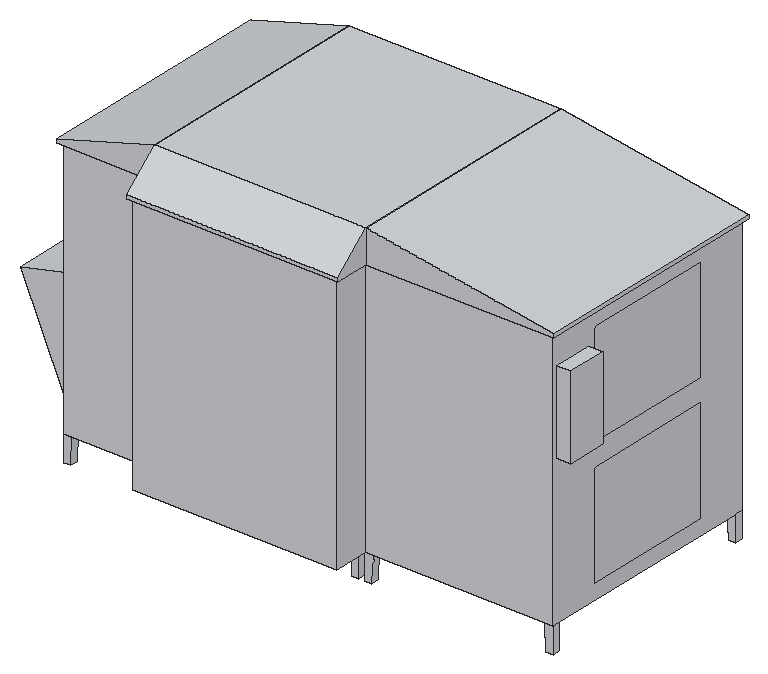
Revit family "AHU 3 _3", category Mechanické zařízení, Revit 2018
Family settings
  Kóta kulaté spojky = Použít průměr
  Typ dílu = Normální
  Číslo OmniClass = 23.75.00.00
  Nadpis OmniClass = Climate Control (HVAC)
  Založené na pracovní rovině = Ne
  Vždy vertikální = Ano
  Ořezat dutým tvarem při načtení = Ne
  Sdílené = Ne
  Bod výpočtu místnosti = Ne
Parameters (values of type "DUPLEXVENT 9000 Multi Eco-N")
  Width [instance] = 2.1 mm
  Weight [instance] = 1388.00 kg
  URL = ""
  Type [instance] = "DUPLEXVENT 9000 Multi Eco-N"
  Total_SFP [instance] = 0
  Supply_outlet_hum [instance] = 90
  Supply_inlet_hum [instance] = 90
  Supply_ext_pressure [instance] = 0.0 Pa
  Supply_SFP [instance] = 0
  Source_adu_file [instance] = ""
  Recuperation_type [instance] = "Plate heat recovery exchanger"
  Recuperation_efficiency_EN308 [instance] = 0
  Project_name [instance] = ""
  Project_date [instance] = "9.8.2023"
  Power_supply_fusing [instance] = "0"
  Power_supply_cable [instance] = "0"
  Position [instance] = "AHU 3 "
  Phases_count [instance] = 3
  Panel_thickness [instance] = 0.06 mm
  Outer_surface [instance] = "RAL 9002"
  Length [instance] = 3.37 mm
  Insulation_type [instance] = "PUR"
  Insulation_thickness [instance] = 0.05 mm
  Installation_environment [instance] = ""
  Input_power_max [instance] = 10400 W
  Inner_surface [instance] = "Pozink"
  I2 [instance] = I1  # 0.0 L/s
  Height [instance] = 1.795 mm
  Exhaust_outlet_hum [instance] = 40
  Exhaust_inlet_hum [instance] = 40
  Exhaust_ext_pressure [instance] = 0.0 Pa
  Exhaust_SFP [instance] = 0
  E1 [instance] = E2 - M1  # 0.0 L/s
  E2 [instance] = 0.0 L/s
  I1 [instance] = 0.0 L/s
  Description = ""
  M1 [instance] = 0.0 L/s
  Device_dutypoint_version [instance] = "0"
  Device_design_version [instance] = "9"
  Device_adu_id [instance] = "3"
  Current_max [instance] = 16.8 A
  Casing_mat [instance] = "painted zinc layer"
  Cable type [instance] = "CYKY 5Jx4"
Reference planes
  plane 1 "Střed (vpředu/vzadu)": y = 0
  plane 2 "ref": z = 0
  plane 3 "Střed (vlevo/vpravo)": x = 0
Forms (mm)
  Sweep 1, solid
    path origin (0, 0, 0) x (0, 0, 1) y (1, 0, 0)
      loop
        line (0, 0) -> (1795, 0)
    profile origin (0, 0, 0) x (1, 0, 0) y (0, 1, 0)
      loop
        line (0, 0) -> (671, 0) -> (671, 1620) -> (0, 1620) -> (0, 0)
  Sweep 2, solid
    path origin (0, 0, 0) x (0, 0, 1) y (1, 0, 0)
      loop
        line (0, 0) -> (1795, 0)
    profile origin (0, 0, 0) x (1, 0, 0) y (0, 1, 0)
      loop
        line (671, -240) -> (2074, -240) -> (2074, 1860) -> (671, 1860) -> (671, -240)
  Sweep 3, solid
    path origin (0, 0, 0) x (0, 0, 1) y (1, 0, 0)
      loop
        line (0, 0) -> (1795, 0)
    profile origin (0, 0, 0) x (1, 0, 0) y (0, 1, 0)
      loop
        line (2074, 0) -> (3367, 0) -> (3367, 1620) -> (2074, 1620) -> (2074, 0)
  Sweep 4, solid
    path origin (1685, 1645, 897) x (1, 0, 0) y (0, 1, 0)
      loop
        line (0, 0) -> (0, -1670)
    profile origin (1685, 1645, 897) x (1, 0, 0) y (0, 0, 1)
      loop
        line (-1710, 897) -> (-1039, 897) -> (-1039, 1123) -> (-1710, 922) -> (-1710, 897)
  Sweep 5, solid
    path origin (646, 810, 897) x (1, 0, 0) y (0, 1, 0)
      loop
        line (0, 0) -> (1456, 0)
    profile origin (646, 810, 897) x (0, 1, 0) y (0, 0, 1)
      loop
        line (-1075, 897) -> (1075, 897) -> (1075, 922) -> (835, 1123) -> (-835, 1123) -> (-1075, 922) -> (-1075, 897)
  Sweep 6, solid
    path origin (1685, 1645, 897) x (1, 0, 0) y (0, 1, 0)
      loop
        line (0, 0) -> (0, -1670)
    profile origin (1685, 1645, 897) x (1, 0, 0) y (0, 0, 1)
      loop
        line (1710, 897) -> (1710, 922) -> (417, 1123) -> (417, 897) -> (1710, 897)
  Sweep 7, solid
    path origin (-250, 1365, 465) x (1, 0, 0) y (0, 1, 0)
      loop
        line (0, 0) -> (0, -1110)
    profile origin (-250, 1365, 465) x (1, 0, 0) y (0, 0, 1)
      loop
        line (249, 400) -> (-250, 280) -> (50, -400) -> (250, -400) -> (249, 400)
  Sweep 8, solid
    path origin (0, 810, 465) x (0, 1, 0) y (-1, 0, 0)
      loop
        line (0, 0) -> (0, 1)
    profile origin (0, 810, 465) x (0, -1, 0) y (0, 0, 1)
      loop
        line (-555, -400) -> (555, -400) -> (555, 400) -> (-555, 400) -> (-555, -400)
  Sweep 9, solid
    path origin (3369, 810, 1330) x (1, 0, 0) y (0, 1, 0)
      loop
        line (0, 0) -> (1, 0)
    profile origin (3369, 810, 1330) x (0, 1, 0) y (0, 0, 1)
      loop
        line (-450, 355) -> (-450, -355) -> (450, -355) -> (450, 355) -> (-450, 355)
  Sweep 10, solid
    path origin (3369, 810, 465) x (1, 0, 0) y (0, 1, 0)
      loop
        line (0, 0) -> (1, 0)
    profile origin (3369, 810, 465) x (0, 1, 0) y (0, 0, 1)
      loop
        line (-450, 355) -> (-450, -355) -> (450, -355) -> (450, 355) -> (-450, 355)
  Sweep 11, solid
    path origin (1, 810, 1330) x (0, 1, 0) y (-1, 0, 0)
      loop
        line (0, 0) -> (0, 1)
    profile origin (1, 810, 1330) x (0, -1, 0) y (0, 0, 1)
      loop
        line (-450, -355) -> (450, -355) -> (450, 355) -> (-450, 355) -> (-450, -355)
  Sweep 12, solid
    path origin (1785, 360, 0) x (0, -1, 0) y (0, 0, 1)
      loop
        line (0, 0) -> (0, -142)
    profile origin (1785, 360, 0) x (-1, 0, 0) y (0, -1, 0)
      loop
        circle (0, 0) r 8
  Sweep 13, solid
    path origin (1793, 360, -150) x (0, 0, -1) y (1, 0, 0)
      loop
        line (0, 0) -> (0, 14)
    profile origin (1793, 360, -150) x (0, 0, 1) y (0, -1, 0)
      loop
        circle (0, 0) r 8
  Sweep 14, solid
    path origin (1815, 360, -142) x (0, -1, 0) y (0, 0, 1)
      loop
        line (0, 0) -> (0, 59)
    profile origin (1815, 360, -142) x (0, 1, 0) y (-1, 0, 0)
      loop
        circle (0, 0) r 8
  Sweep 15, solid
    path origin (1823, 360, -75) x (0, 0, -1) y (1, 0, 0)
      loop
        line (0, 0) -> (0, 22)
    profile origin (1823, 360, -75) x (0, 0, 1) y (0, -1, 0)
      loop
        circle (0, 0) r 8
  Sweep 16, solid
    path origin (970, 360, 0) x (0, -1, 0) y (0, 0, 1)
      loop
        line (0, 0) -> (0, -142)
    profile origin (970, 360, 0) x (-1, 0, 0) y (0, -1, 0)
      loop
        circle (0, 0) r 8
  Sweep 17, solid
    path origin (978, 360, -150) x (0, 0, -1) y (1, 0, 0)
      loop
        line (0, 0) -> (0, 14)
    profile origin (978, 360, -150) x (0, 0, 1) y (0, -1, 0)
      loop
        circle (0, 0) r 8
  Sweep 18, solid
    path origin (1000, 360, -142) x (0, -1, 0) y (0, 0, 1)
      loop
        line (0, 0) -> (0, 59)
    profile origin (1000, 360, -142) x (0, 1, 0) y (-1, 0, 0)
      loop
        circle (0, 0) r 8
  Sweep 19, solid
    path origin (1008, 360, -75) x (0, 0, -1) y (1, 0, 0)
      loop
        line (0, 0) -> (0, 22)
    profile origin (1008, 360, -75) x (0, 0, 1) y (0, -1, 0)
      loop
        circle (0, 0) r 8
  Sweep 20, solid
    path origin (25, 50, 0) x (1, 0, 0) y (0, 1, 0)
      loop
        line (0, 0) -> (0, -50)
    profile origin (25, 50, 0) x (1, 0, 0) y (0, 0, 1)
      loop
        line (-25, 0) -> (-25, -175) -> (25, -175) -> (35, 0) -> (-25, 0)
  Sweep 21, solid
    path origin (3345, 50, 0) x (1, 0, 0) y (0, 1, 0)
      loop
        line (0, 0) -> (0, -50)
    profile origin (3345, 50, 0) x (1, 0, 0) y (0, 0, 1)
      loop
        line (-35, 0) -> (-25, -175) -> (25, -175) -> (25, 0) -> (-35, 0)
  Sweep 22, solid
    path origin (25, 1620, 0) x (1, 0, 0) y (0, 1, 0)
      loop
        line (0, 0) -> (0, -50)
    profile origin (25, 1620, 0) x (1, 0, 0) y (0, 0, 1)
      loop
        line (-25, 0) -> (-25, -175) -> (25, -175) -> (35, 0) -> (-25, 0)
  Sweep 23, solid
    path origin (3345, 1620, 0) x (1, 0, 0) y (0, 1, 0)
      loop
        line (0, 0) -> (0, -50)
    profile origin (3345, 1620, 0) x (1, 0, 0) y (0, 0, 1)
      loop
        line (-35, 0) -> (-25, -175) -> (25, -175) -> (25, 0) -> (-35, 0)
  Sweep 24, solid
    path origin (650, 50, 0) x (1, 0, 0) y (0, 1, 0)
      loop
        line (0, 0) -> (0, -50)
    profile origin (650, 50, 0) x (1, 0, 0) y (0, 0, 1)
      loop
        line (-35, 0) -> (-25, -175) -> (25, -175) -> (25, 0) -> (-35, 0)
  Sweep 25, solid
    path origin (650, 1620, 0) x (1, 0, 0) y (0, 1, 0)
      loop
        line (0, 0) -> (0, -50)
    profile origin (650, 1620, 0) x (1, 0, 0) y (0, 0, 1)
      loop
        line (-35, 0) -> (-25, -175) -> (25, -175) -> (25, 0) -> (-35, 0)
  Sweep 26, solid
    path origin (739, 50, 0) x (1, 0, 0) y (0, 1, 0)
      loop
        line (0, 0) -> (0, -50)
    profile origin (739, 50, 0) x (1, 0, 0) y (0, 0, 1)
      loop
        line (-25, 0) -> (-25, -175) -> (25, -175) -> (35, 0) -> (-25, 0)
  Sweep 27, solid
    path origin (739, 1620, 0) x (1, 0, 0) y (0, 1, 0)
      loop
        line (0, 0) -> (0, -50)
    profile origin (739, 1620, 0) x (1, 0, 0) y (0, 0, 1)
      loop
        line (-25, 0) -> (-25, -175) -> (25, -175) -> (35, 0) -> (-25, 0)
  Sweep 28, solid
    path origin (2009, 50, 0) x (1, 0, 0) y (0, 1, 0)
      loop
        line (0, 0) -> (0, -50)
    profile origin (2009, 50, 0) x (1, 0, 0) y (0, 0, 1)
      loop
        line (-35, 0) -> (-25, -175) -> (25, -175) -> (25, 0) -> (-35, 0)
  Sweep 29, solid
    path origin (2009, 1620, 0) x (1, 0, 0) y (0, 1, 0)
      loop
        line (0, 0) -> (0, -50)
    profile origin (2009, 1620, 0) x (1, 0, 0) y (0, 0, 1)
      loop
        line (-35, 0) -> (-25, -175) -> (25, -175) -> (25, 0) -> (-35, 0)
  Sweep 30, solid
    path origin (2098, 50, 0) x (1, 0, 0) y (0, 1, 0)
      loop
        line (0, 0) -> (0, -50)
    profile origin (2098, 50, 0) x (1, 0, 0) y (0, 0, 1)
      loop
        line (-25, 0) -> (-25, -175) -> (25, -175) -> (35, 0) -> (-25, 0)
  Sweep 31, solid
    path origin (2098, 1620, 0) x (1, 0, 0) y (0, 1, 0)
      loop
        line (0, 0) -> (0, -50)
    profile origin (2098, 1620, 0) x (1, 0, 0) y (0, 0, 1)
      loop
        line (-25, 0) -> (-25, -175) -> (25, -175) -> (35, 0) -> (-25, 0)
  Sweep 32, solid
    path origin (0, 0, 1024) x (0, 0, 1) y (1, 0, 0)
      loop
        line (0, 0) -> (570, 0)
    profile origin (0, 0, 1024) x (1, 0, 0) y (0, 1, 0)
      loop
        line (3370, 25) -> (3470, 25) -> (3470, 300) -> (3370, 300) -> (3370, 25)
  Sweep 33, solid
    path origin (3420, 163, 1024) x (0, -1, 0) y (0, 0, 1)
      loop
        line (0, 0) -> (0, -1)
    profile origin (3420, 163, 1024) x (-1, 0, 0) y (0, -1, 0)
      loop
        circle (0, 0) r 10
Lines and regions (mm)
  model lines, style "Symbol"
    curve 1: line (1382, -240, 0) -> (1382, -240, 359)
    curve 2: line (1382, -240, 1795) -> (1382, -240, 1436)
    curve 3: line (0, 0, 897) -> (671, 0, 897)
    curve 4: line (671, -240, 897) -> (843, -240, 897)
    curve 5: line (2074, -240, 897) -> (1920, -240, 897)
    curve 6: line (2074, 0, 897) -> (3370, 0, 897)
    curve 7: line (843, -240, 897) -> (1112, -240, 1436)
    curve 8: line (1112, -240, 1436) -> (1651, -240, 1436)
    curve 9: line (1651, -240, 1436) -> (1920, -240, 897)
    curve 10: line (1920, -240, 897) -> (1651, -240, 359)
    curve 11: line (1651, -240, 359) -> (1382, -240, 359)
    curve 12: line (1382, -240, 359) -> (1112, -240, 359)
    curve 13: line (1112, -240, 359) -> (843, -240, 897)
    curve 14: line (2975, 0, 1474) -> (3262, 0, 1425)
    curve 15: line (2975, 0, 1218) -> (3262, 0, 1267)
    curve 16: line (395, 0, 1218) -> (108, 0, 1267)
    curve 17: line (395, 0, 1474) -> (108, 0, 1425)
    curve 18: line (67, 0, 179) -> (67, 0, 718)
    curve 19: line (67, 0, 718) -> (270, 0, 718)
    curve 20: line (270, 0, 718) -> (270, 0, 179)
    curve 21: line (270, 0, 179) -> (67, 0, 179)
    curve 22: line (169, 0, 179) -> (270, 0, 449)
    curve 23: line (169, 0, 718) -> (270, 0, 449)
    curve 24: line (3303, 0, 718) -> (3303, 0, 179)
    curve 25: line (3303, 0, 179) -> (3100, 0, 179)
    curve 26: line (3100, 0, 179) -> (3100, 0, 718)
    curve 27: line (3100, 0, 718) -> (3303, 0, 718)
    curve 28: line (3201, 0, 718) -> (3100, 0, 449)
    curve 29: line (3201, 0, 179) -> (3100, 0, 449)
    curve 30: line (1015, -240, 314) -> (771, -240, 794)
    curve 31: line (771, -240, 794) -> (851, -240, 835)
    curve 32: line (851, -240, 835) -> (1095, -240, 355)
    curve 33: line (1095, -240, 355) -> (1015, -240, 314)
    curve 34: line (868, -240, 622) -> (900, -240, 719)
    curve 35: line (966, -240, 430) -> (998, -240, 527)
    curve 36: line (0, -1600, 0) -> (0, -240, 0)
    curve 37: line (3370, -1600, 0) -> (3370, -240, 0)
    curve 38: line (0, -1600, 0) -> (3370, -1600, 0)
    curve 39: line (0, -1600, 1795) -> (0, -240, 1795)
    curve 40: line (3370, -1600, 1795) -> (3370, -240, 1795)
    curve 41: line (0, -1600, 1795) -> (3370, -1600, 1795)
    curve 42: line (0, -1600, 0) -> (0, -1600, 1795)
    curve 43: line (3370, -1600, 0) -> (3370, -1600, 1795)
    curve 44: line (0, -1600, 1595) -> (200, -1600, 1795)
    curve 45: line (0, -1600, 1395) -> (400, -1600, 1795)
    curve 46: line (0, -1600, 1195) -> (600, -1600, 1795)
    curve 47: line (0, -1600, 995) -> (800, -1600, 1795)
    curve 48: line (0, -1600, 795) -> (1000, -1600, 1795)
    curve 49: line (0, -1600, 595) -> (1200, -1600, 1795)
    curve 50: line (0, -1600, 395) -> (1400, -1600, 1795)
    curve 51: line (0, -1600, 195) -> (1600, -1600, 1795)
    curve 52: line (5, -1600, 0) -> (1800, -1600, 1795)
    curve 53: line (205, -1600, 0) -> (2000, -1600, 1795)
    curve 54: line (405, -1600, 0) -> (2200, -1600, 1795)
    curve 55: line (605, -1600, 0) -> (2400, -1600, 1795)
    curve 56: line (805, -1600, 0) -> (2600, -1600, 1795)
    curve 57: line (1005, -1600, 0) -> (2800, -1600, 1795)
    curve 58: line (1205, -1600, 0) -> (3000, -1600, 1795)
    curve 59: line (1405, -1600, 0) -> (3200, -1600, 1795)
    curve 60: line (1605, -1600, 0) -> (3370, -1600, 1765)
    curve 61: line (1805, -1600, 0) -> (3370, -1600, 1565)
    curve 62: line (2005, -1600, 0) -> (3370, -1600, 1365)
    curve 63: line (2205, -1600, 0) -> (3370, -1600, 1165)
    curve 64: line (2405, -1600, 0) -> (3370, -1600, 965)
    curve 65: line (2605, -1600, 0) -> (3370, -1600, 765)
    curve 66: line (2805, -1600, 0) -> (3370, -1600, 565)
    curve 67: line (3005, -1600, 0) -> (3370, -1600, 365)
    curve 68: line (3205, -1600, 0) -> (3370, -1600, 165)
    curve 69: line (3370, -1600, 1595) -> (3370, -1400, 1795)
    curve 70: line (3370, -1600, 1395) -> (3370, -1200, 1795)
    curve 71: line (3370, -1600, 1195) -> (3370, -1000, 1795)
    curve 72: line (3370, -1600, 995) -> (3370, -800, 1795)
    curve 73: line (3370, -1600, 795) -> (3370, -600, 1795)
    curve 74: line (3370, -1600, 595) -> (3370, -400, 1795)
    curve 75: line (3370, -1600, 395) -> (3370, -240, 1755)
    curve 76: line (3370, -1600, 195) -> (3370, -240, 1555)
    curve 77: line (3370, -1595, 0) -> (3370, -240, 1355)
    curve 78: line (3370, -1395, 0) -> (3370, -240, 1155)
    curve 79: line (3370, -1195, 0) -> (3370, -240, 955)
    curve 80: line (3370, -995, 0) -> (3370, -240, 755)
    curve 81: line (3370, -795, 0) -> (3370, -240, 555)
    curve 82: line (3370, -595, 0) -> (3370, -240, 355)
    curve 83: line (3370, -395, 0) -> (3370, -240, 155)
    curve 84: line (0, -1400, 1795) -> (200, -1600, 1795)
    curve 85: line (0, -1200, 1795) -> (400, -1600, 1795)
    curve 86: line (0, -1000, 1795) -> (600, -1600, 1795)
    curve 87: line (0, -800, 1795) -> (800, -1600, 1795)
    curve 88: line (0, -600, 1795) -> (1000, -1600, 1795)
    curve 89: line (0, -400, 1795) -> (1200, -1600, 1795)
    curve 90: line (40, -240, 1795) -> (1400, -1600, 1795)
    curve 91: line (240, -240, 1795) -> (1600, -1600, 1795)
    curve 92: line (440, -240, 1795) -> (1800, -1600, 1795)
    curve 93: line (640, -240, 1795) -> (2000, -1600, 1795)
    curve 94: line (840, -240, 1795) -> (2200, -1600, 1795)
    curve 95: line (1040, -240, 1795) -> (2400, -1600, 1795)
    curve 96: line (1240, -240, 1795) -> (2600, -1600, 1795)
    curve 97: line (1440, -240, 1795) -> (2800, -1600, 1795)
    curve 98: line (1640, -240, 1795) -> (3000, -1600, 1795)
    curve 99: line (1840, -240, 1795) -> (3200, -1600, 1795)
    curve 100: line (2040, -240, 1795) -> (3370, -1570, 1795)
    curve 101: line (2240, -240, 1795) -> (3370, -1370, 1795)
    curve 102: line (2440, -240, 1795) -> (3370, -1170, 1795)
    curve 103: line (2640, -240, 1795) -> (3370, -970, 1795)
    curve 104: line (2840, -240, 1795) -> (3370, -770, 1795)
    curve 105: line (3040, -240, 1795) -> (3370, -570, 1795)
    curve 106: line (3240, -240, 1795) -> (3370, -370, 1795)
    curve 107: line (4090, 0, 0) -> (3370, 0, 0)
    curve 108: line (4090, 1620, 0) -> (3370, 1620, 0)
    curve 109: line (4090, 0, 0) -> (4090, 1620, 0)
    curve 110: line (4090, 0, 1795) -> (3370, 0, 1795)
    curve 111: line (4090, 1620, 1795) -> (3370, 1620, 1795)
    curve 112: line (4090, 0, 1795) -> (4090, 1620, 1795)
    curve 113: line (4090, 0, 0) -> (4090, 0, 1795)
    curve 114: line (4090, 1620, 0) -> (4090, 1620, 1795)
    curve 115: line (4090, 0, 1595) -> (4090, 200, 1795)
    curve 116: line (4090, 0, 1395) -> (4090, 400, 1795)
    curve 117: line (4090, 0, 1195) -> (4090, 600, 1795)
    curve 118: line (4090, 0, 995) -> (4090, 800, 1795)
    curve 119: line (4090, 0, 795) -> (4090, 1000, 1795)
    curve 120: line (4090, 0, 595) -> (4090, 1200, 1795)
    curve 121: line (4090, 0, 395) -> (4090, 1400, 1795)
    curve 122: line (4090, 0, 195) -> (4090, 1600, 1795)
    curve 123: line (4090, 5, 0) -> (4090, 1620, 1615)
    curve 124: line (4090, 205, 0) -> (4090, 1620, 1415)
    curve 125: line (4090, 405, 0) -> (4090, 1620, 1215)
    curve 126: line (4090, 605, 0) -> (4090, 1620, 1015)
    curve 127: line (4090, 805, 0) -> (4090, 1620, 815)
    curve 128: line (4090, 1005, 0) -> (4090, 1620, 615)
    curve 129: line (4090, 1205, 0) -> (4090, 1620, 415)
    curve 130: line (4090, 1405, 0) -> (4090, 1620, 215)
    curve 131: line (4090, 1605, 0) -> (4090, 1620, 15)
    curve 132: line (4090, 1620, 1595) -> (3890, 1620, 1795)
    curve 133: line (4090, 1620, 1395) -> (3690, 1620, 1795)
    curve 134: line (4090, 1620, 1195) -> (3490, 1620, 1795)
    curve 135: line (4090, 1620, 995) -> (3370, 1620, 1715)
    curve 136: line (4090, 1620, 795) -> (3370, 1620, 1515)
    curve 137: line (4090, 1620, 595) -> (3370, 1620, 1315)
    curve 138: line (4090, 1620, 395) -> (3370, 1620, 1115)
    curve 139: line (4090, 1620, 195) -> (3370, 1620, 915)
    curve 140: line (4085, 1620, 0) -> (3370, 1620, 715)
    curve 141: line (3885, 1620, 0) -> (3370, 1620, 515)
    curve 142: line (3685, 1620, 0) -> (3370, 1620, 315)
    curve 143: line (3485, 1620, 0) -> (3370, 1620, 115)
    curve 144: line (3890, 0, 1795) -> (4090, 200, 1795)
    curve 145: line (3690, 0, 1795) -> (4090, 400, 1795)
    curve 146: line (3490, 0, 1795) -> (4090, 600, 1795)
    curve 147: line (3370, 80, 1795) -> (4090, 800, 1795)
    curve 148: line (3370, 280, 1795) -> (4090, 1000, 1795)
    curve 149: line (3370, 480, 1795) -> (4090, 1200, 1795)
    curve 150: line (3370, 680, 1795) -> (4090, 1400, 1795)
    curve 151: line (3370, 880, 1795) -> (4090, 1600, 1795)
    curve 152: line (3370, 1080, 1795) -> (3910, 1620, 1795)
    curve 153: line (3370, 1280, 1795) -> (3710, 1620, 1795)
    curve 154: line (3370, 1480, 1795) -> (3510, 1620, 1795)
    curve 155: line (0, 1620, -175) -> (0, 1620, 0)
    curve 156: line (3370, 1620, -175) -> (3370, 1620, 0)
    curve 157: line (0, 1620, -175) -> (3370, 1620, -175)
    curve 158: line (0, 0, -175) -> (0, 0, 0)
    curve 159: line (3370, 0, -175) -> (3370, 0, 0)
    curve 160: line (0, 0, -175) -> (3370, 0, -175)
    curve 161: line (0, 1620, -175) -> (0, 0, -175)
    curve 162: line (3370, 1620, -175) -> (3370, 0, -175)
    curve 163: line (0, 200, -175) -> (200, 0, -175)
    curve 164: line (0, 400, -175) -> (400, 0, -175)
    curve 165: line (0, 600, -175) -> (600, 0, -175)
    curve 166: line (0, 800, -175) -> (800, 0, -175)
    curve 167: line (0, 1000, -175) -> (1000, 0, -175)
    curve 168: line (0, 1200, -175) -> (1200, 0, -175)
    curve 169: line (0, 1400, -175) -> (1400, 0, -175)
    curve 170: line (0, 1600, -175) -> (1600, 0, -175)
    curve 171: line (180, 1620, -175) -> (1800, 0, -175)
    curve 172: line (380, 1620, -175) -> (2000, 0, -175)
    curve 173: line (580, 1620, -175) -> (2200, 0, -175)
    curve 174: line (780, 1620, -175) -> (2400, 0, -175)
    curve 175: line (980, 1620, -175) -> (2600, 0, -175)
    curve 176: line (1180, 1620, -175) -> (2800, 0, -175)
    curve 177: line (1380, 1620, -175) -> (3000, 0, -175)
    curve 178: line (1580, 1620, -175) -> (3200, 0, -175)
    curve 179: line (1780, 1620, -175) -> (3370, 30, -175)
    curve 180: line (1980, 1620, -175) -> (3370, 230, -175)
    curve 181: line (2180, 1620, -175) -> (3370, 430, -175)
    curve 182: line (2380, 1620, -175) -> (3370, 630, -175)
    curve 183: line (2580, 1620, -175) -> (3370, 830, -175)
    curve 184: line (2780, 1620, -175) -> (3370, 1030, -175)
    curve 185: line (2980, 1620, -175) -> (3370, 1230, -175)
    curve 186: line (3180, 1620, -175) -> (3370, 1430, -175)
    curve 187: line (3370, 200, -175) -> (3370, 25, 0)
    curve 188: line (3370, 400, -175) -> (3370, 225, 0)
    curve 189: line (3370, 600, -175) -> (3370, 425, 0)
    curve 190: line (3370, 800, -175) -> (3370, 625, 0)
    curve 191: line (3370, 1000, -175) -> (3370, 825, 0)
    curve 192: line (3370, 1200, -175) -> (3370, 1025, 0)
    curve 193: line (3370, 1400, -175) -> (3370, 1225, 0)
    curve 194: line (3370, 1600, -175) -> (3370, 1425, 0)
    curve 195: line (25, 0, 0) -> (200, 0, -175)
    curve 196: line (225, 0, 0) -> (400, 0, -175)
    curve 197: line (425, 0, 0) -> (600, 0, -175)
    curve 198: line (625, 0, 0) -> (800, 0, -175)
    curve 199: line (825, 0, 0) -> (1000, 0, -175)
    curve 200: line (1025, 0, 0) -> (1200, 0, -175)
    curve 201: line (1225, 0, 0) -> (1400, 0, -175)
    curve 202: line (1425, 0, 0) -> (1600, 0, -175)
    curve 203: line (1625, 0, 0) -> (1800, 0, -175)
    curve 204: line (1825, 0, 0) -> (2000, 0, -175)
    curve 205: line (2025, 0, 0) -> (2200, 0, -175)
    curve 206: line (2225, 0, 0) -> (2400, 0, -175)
    curve 207: line (2425, 0, 0) -> (2600, 0, -175)
    curve 208: line (2625, 0, 0) -> (2800, 0, -175)
    curve 209: line (2825, 0, 0) -> (3000, 0, -175)
    curve 210: line (3025, 0, 0) -> (3200, 0, -175)
    curve 211: line (3225, 0, 0) -> (3370, 0, -145)
    curve 212: line (0, 0, 2395) -> (0, 0, 1795)
    curve 213: line (3370, 0, 2395) -> (3370, 0, 1795)
    curve 214: line (0, 0, 2395) -> (3370, 0, 2395)
    curve 215: line (0, 1620, 2395) -> (0, 1620, 1795)
    curve 216: line (3370, 1620, 2395) -> (3370, 1620, 1795)
    curve 217: line (0, 1620, 2395) -> (3370, 1620, 2395)
    curve 218: line (0, 0, 2395) -> (0, 1620, 2395)
    curve 219: line (3370, 0, 2395) -> (3370, 1620, 2395)
    curve 220: line (0, 1420, 2395) -> (200, 1620, 2395)
    curve 221: line (0, 1220, 2395) -> (400, 1620, 2395)
    curve 222: line (0, 1020, 2395) -> (600, 1620, 2395)
    curve 223: line (0, 820, 2395) -> (800, 1620, 2395)
    curve 224: line (0, 620, 2395) -> (1000, 1620, 2395)
    curve 225: line (0, 420, 2395) -> (1200, 1620, 2395)
    curve 226: line (0, 220, 2395) -> (1400, 1620, 2395)
    curve 227: line (0, 20, 2395) -> (1600, 1620, 2395)
    curve 228: line (180, 0, 2395) -> (1800, 1620, 2395)
    curve 229: line (380, 0, 2395) -> (2000, 1620, 2395)
    curve 230: line (580, 0, 2395) -> (2200, 1620, 2395)
    curve 231: line (780, 0, 2395) -> (2400, 1620, 2395)
    curve 232: line (980, 0, 2395) -> (2600, 1620, 2395)
    curve 233: line (1180, 0, 2395) -> (2800, 1620, 2395)
    curve 234: line (1380, 0, 2395) -> (3000, 1620, 2395)
    curve 235: line (1580, 0, 2395) -> (3200, 1620, 2395)
    curve 236: line (1780, 0, 2395) -> (3370, 1590, 2395)
    curve 237: line (1980, 0, 2395) -> (3370, 1390, 2395)
    curve 238: line (2180, 0, 2395) -> (3370, 1190, 2395)
    curve 239: line (2380, 0, 2395) -> (3370, 990, 2395)
    curve 240: line (2580, 0, 2395) -> (3370, 790, 2395)
    curve 241: line (2780, 0, 2395) -> (3370, 590, 2395)
    curve 242: line (2980, 0, 2395) -> (3370, 390, 2395)
    curve 243: line (3180, 0, 2395) -> (3370, 190, 2395)
    curve 244: line (3370, 1420, 2395) -> (3370, 1620, 2195)
    curve 245: line (3370, 1220, 2395) -> (3370, 1620, 1995)
    curve 246: line (3370, 1020, 2395) -> (3370, 1620, 1795)
    curve 247: line (3370, 820, 2395) -> (3370, 1420, 1795)
    curve 248: line (3370, 620, 2395) -> (3370, 1220, 1795)
    curve 249: line (3370, 420, 2395) -> (3370, 1020, 1795)
    curve 250: line (3370, 220, 2395) -> (3370, 820, 1795)
    curve 251: line (3370, 20, 2395) -> (3370, 620, 1795)
    curve 252: line (3370, 0, 2215) -> (3370, 420, 1795)
    curve 253: line (3370, 0, 2015) -> (3370, 220, 1795)
    curve 254: line (3370, 0, 1815) -> (3370, 20, 1795)
    curve 255: line (0, 1620, 2195) -> (200, 1620, 2395)
    curve 256: line (0, 1620, 1995) -> (400, 1620, 2395)
    curve 257: line (0, 1620, 1795) -> (600, 1620, 2395)
    curve 258: line (200, 1620, 1795) -> (800, 1620, 2395)
    curve 259: line (400, 1620, 1795) -> (1000, 1620, 2395)
    curve 260: line (600, 1620, 1795) -> (1200, 1620, 2395)
    curve 261: line (800, 1620, 1795) -> (1400, 1620, 2395)
    curve 262: line (1000, 1620, 1795) -> (1600, 1620, 2395)
    curve 263: line (1200, 1620, 1795) -> (1800, 1620, 2395)
    curve 264: line (1400, 1620, 1795) -> (2000, 1620, 2395)
    curve 265: line (1600, 1620, 1795) -> (2200, 1620, 2395)
    curve 266: line (1800, 1620, 1795) -> (2400, 1620, 2395)
    curve 267: line (2000, 1620, 1795) -> (2600, 1620, 2395)
    curve 268: line (2200, 1620, 1795) -> (2800, 1620, 2395)
    curve 269: line (2400, 1620, 1795) -> (3000, 1620, 2395)
    curve 270: line (2600, 1620, 1795) -> (3200, 1620, 2395)
    curve 271: line (2800, 1620, 1795) -> (3370, 1620, 2365)
    curve 272: line (3000, 1620, 1795) -> (3370, 1620, 2165)
    curve 273: line (3200, 1620, 1795) -> (3370, 1620, 1965)
    curve 274: circle (3101, 0, 1346) r 179 normal (0, -1, 0)
    curve 275: circle (269, 0, 1346) r 179 normal (0, -1, 0)
    curve 276: circle (884, -240, 670) r 13 normal (0, -1, 0)
    curve 277: circle (982, -240, 478) r 13 normal (0, -1, 0)
    curve 278: circle (1785, 360, 0) r 8 normal (0, 0, -1)
    curve 279: circle (1785, 360, -142) r 8 normal (0, 0, -1)
    curve 280: circle (970, 360, 0) r 8 normal (0, 0, -1)
    curve 281: circle (970, 360, -142) r 8 normal (0, 0, -1)
Dimensions and locks
  aligned and locked: level to plane 2 "ref"
Connectors
  hvac at (-1, 810, 465), driven by "E1"
    settings: on Sweep 8, index 1, duct flow 0.0 L/s, flow factor 0, pres drop 0.0 Pa, loss coef 0, conn angle 0.00°, conn width 10 mm, conn height 10 mm, conn diameter 609.6 mm, duct sys type 1, conn prof type 1, flow config 1, flow direction 1, loss method 0, conn ref index -1, conn util no, is conn primary yes, conn desc ""
  hvac at (3370, 810, 1330), driven by "E2"
    settings: on Sweep 9, index 2, duct flow 0.0 L/s, flow factor 1, pres drop 0.0 Pa, loss coef 0, conn angle 0.00°, conn width 900 mm, conn height 710 mm, conn diameter 609.6 mm, duct sys type 1, conn prof type 1, flow config 2, flow direction 2, loss method 0, conn ref index -1, conn util no, is conn primary no, conn desc ""
  hvac at (3370, 810, 465), driven by "I1"
    settings: on Sweep 10, index 3, duct flow 0.0 L/s, flow factor 1, pres drop 0.0 Pa, loss coef 0, conn angle 0.00°, conn width 900 mm, conn height 710 mm, conn diameter 609.6 mm, duct sys type 3, conn prof type 1, flow config 2, flow direction 1, loss method 0, conn ref index -1, conn util no, is conn primary no, conn desc ""
  hvac at (0, 810, 1330), driven by "I2"
    settings: on Sweep 11, index 4, duct flow 0.0 L/s, flow factor 0, pres drop 0.0 Pa, loss coef 0, conn angle 0.00°, conn width 900 mm, conn height 710 mm, conn diameter 609.6 mm, duct sys type 3, conn prof type 1, flow config 1, flow direction 2, loss method 0, conn ref index -1, conn util no, is conn primary no, conn desc ""
  piping at (1845, 360, -75), diameter 40
    settings: on Sweep 15, index 5, connector inside diameter 609.6 mm, connector length 0 mm, flow factor 0, pipe flow 0.0 L/s, pressure drop 0.0 Pa, fitting loss kfactor 0, connector angle 0.00°, fixture units 0, engagement length 0 mm, angle of deflection 0.00°, flow configuration 1, flow direction 2, fitting loss method 0, system type 16, joint type 0, gender type 0, connector reference index -1, connector utility 0, adjustable connector no, is connector primary yes, connector description ""
  piping at (1030, 360, -75), diameter 40
    settings: on Sweep 19, index 6, connector inside diameter 609.6 mm, connector length 0 mm, flow factor 0, pipe flow 0.0 L/s, pressure drop 0.0 Pa, fitting loss kfactor 0, connector angle 0.00°, fixture units 0, engagement length 0 mm, angle of deflection 0.00°, flow configuration 1, flow direction 2, fitting loss method 0, system type 16, joint type 0, gender type 0, connector reference index -1, connector utility 0, adjustable connector no, is connector primary no, connector description ""
  electrical at (3420, 163, 1023)
    settings: on Sweep 33, index 7, voltage 400 V, apparent load 0 VA, apparent load phase1 0 VA, apparent load phase2 0 VA, apparent load phase3 0 VA, power factor 1, load classification "Další", number of poles 3, system type 31, power factor state 1, is connector primary yes, connector utility no, sub classification motor no, connector description ""
